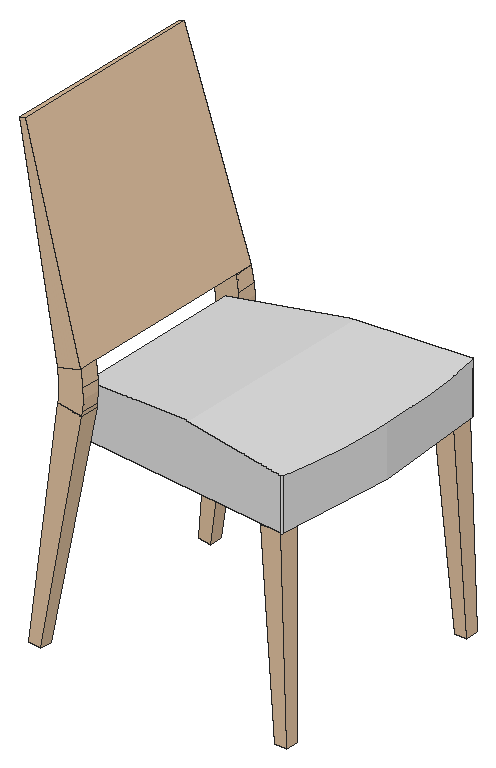
Revit family "FU_Chair_Sandler_TIMBERLY_1", category Furniture, Revit 2020
Family settings
  OmniClass Number = 23.21.23.15.17
  Work Plane-Based = Yes
  Always vertical = No
  Cut with Voids When Loaded = No
  Shared = No
  Room Calculation Point = No
Parameters (values of type "TIMBERLY 1.1")
  width = 470.000 mm
  height = 900.000 mm
  depth = 570.000 mm
  Youtube clip = ""
  Uniformat II Description = "Movable Furnishings"
  Uniformat II Code = ""
  Uniclass 2015 Name = ""
  Uniclass 2015 Code = ""
  Uniclass 2.0 Description = ""
  Uniclass 2.0 Code = ""
  Uniclass 1.4 Description = ""
  Uniclass 1.4 Code = ""
  UNSPSC Code = ""
  Technical description = ""
  Shell Material = Default
  Shell = TP01 - TIMBERLY : TP01 - TIMBERLY
  Seat Material = Fabric - Gravity - Frost CPC32
  Frame Material = Wood - Beech - Natural - V
  Frame = BS01 - TIMBERLY : BS01 - TIMBERLY
  Back Material = none
  401D = no
  Region South America = "All"
  Region Oceania = "All"
  Region North America = "All"
  Region Middle East = "All"
  Region Europe = "All"
  Region Asia = "All"
  Region Antarctica = "All"
  Region Africa = "All"
  QR code = ""
  Product url = ""
  Product name = "TIMBERLY 1.1"
  Product group = "Chair"
  Product family = "Furniture"
  Product data url = "https://www.sandlerseating.com/product/timberly-1-1/"
  Product certification = ""
  Product SKU = "??"
  Product Guid = "??"
  OmniClass Description = ""
  OmniClass Code = "23-21 23 15 17"
  NBS Reference Description = ""
  NBS Reference Code = ""
  Model = "TIMBERLY 1.1"
  Masterformat 2014 Description = "Chair Mats"
  Masterformat 2014 Code = "12 48 43.13"
  Manufacturer name = "Sandler"
  Manufacturer country = "UK"
  Manufacturer = "Sandler"
  401G = no
  Installation instructions = ""
  IFC Classification = "Furnishing Element"
  GTIN code = ""
  Edition number = 1
  Design country = "UK"
  Description = "Chair"
  Default Elevation = 1219.200 mm
  Date of publishing = ""
  COBIe Type Category = ""
  Brand url = "https://www.sandlerseating.com/"
  BIMobject main category code = "furniture"
  BIMobject main category = "Furniture"
  BIMobject category code = "furniture-chair"
  BIMobject category = "Chair"
Types (4, lengths in mm): name | width | height | depth | Seat Material | Frame Material | Frame | Back Material | Product name | Product data url | Model
  TIMBERLY 1.3S | 1040.000 | 1165.265 | 1040.000 | Fabric - Gravity - Sunni CPC20 | Wood - Beech - Walnut - V | BS04 - TIMBERLY : BS04 - TIMBERLY | Fabric - Gravity - Wheat CPC21 | "TIMBERLY 1.3S" | "https://www.sandlerseating.com/product/timberly-1-3s/" | "TIMBERLY 1.3S"
  TIMBERLY 1.3 | 1040.000 | 1165.265 | 1040.000 | Fabric - Gravity - Frozen CPC27 | Wood - Beech - Walnut - V | BS03 - TIMBERLY : BS03 - TIMBERLY | Fabric - Gravity - Frost CPC32 | "TIMBERLY 1.3" | "https://www.sandlerseating.com/product/timberly-1-3/" | "TIMBERLY 1.3"
  TIMBERLY 1.1S | 1040.000 | 1165.265 | 1040.000 | Fabric - Gravity - Wheat CPC21 | Wood - Beech - Cherry Wood - V | BS02 - TIMBERLY : BS02 - TIMBERLY | none | "TIMBERLY 1.1S" | "https://www.sandlerseating.com/product/timberly-1-1s/" | "TIMBERLY 1.1S"
  TIMBERLY 1.1 | 470.000 | 900.000 | 570.000 | Fabric - Gravity - Frost CPC32 | Wood - Beech - Natural - V | BS01 - TIMBERLY : BS01 - TIMBERLY | none | "TIMBERLY 1.1" | "https://www.sandlerseating.com/product/timberly-1-1/" | "TIMBERLY 1.1"
Reference planes
  plane 1 "Center Front/Back": y = 0
  plane 2: z = 0
  plane 3 "Center Left/Right": x = 0
  plane 4 "Heigth Shell": z = 407
  plane 5: x = -285
  plane 6: x = 285
  plane 7: y = 235
  plane 8: y = -235
  plane 9: z = 900
Dimensions and locks
  plane 4 "Heigth Shell" to plane 2 = 407.000 mm
  equal spacing: plane 5, plane 3 "Center Left/Right", plane 6
  "depth": plane 5 to plane 6
  equal spacing: plane 7, plane 1 "Center Front/Back", plane 8
  "width": plane 7 to plane 8
  "height": plane 9 to level
  aligned and locked: level to plane 2
Nested families
  nested 1: "BS01 - TIMBERLY" at (0, 0, 0) x (0, 1, 0) z (0, 0, 1), Frame Material <- "Frame Material", type <- "Frame", type "BS01 - TIMBERLY"
    with Frame Material Wood - Beech - Natural - V
  nested 2: "TP01 - TIMBERLY" at (0, 0, 0) x (0, 1, 0) z (0, 0, 1), Shell Material <- "Seat Material", type <- "Shell", type "TP01 - TIMBERLY"
    with Shell Material Fabric - Gravity - Frost CPC32, Frame Material none
Definition of nested family "BS01 - TIMBERLY"
  Parameters (values of type "BS01 - TIMBERLY")
    Frame Material [instance] = none
    Default Elevation = 0.000 mm
  Reference planes
    plane 1 "Center (Front/Back)": y = 0
    plane 2: z = 0
    plane 3 "Center (Left/Right)": x = 0
  Forms (mm)
    SweptBlend 1, solid, material <- "Frame Material"
      path origin (208.179, 0, 0.151) x (0, 1, 0) y (-0.034725, 0, 0.999397)
        loop
          line (194.468, 429.657) -> (255.553, 0)
      profile origin (193.259, 194.468, 429.549) x (-0.004888, 0.990044, 0.14067) y (0.999397, 0, 0.034725)
        loop
          line (-23.874, -18.85) -> (23.826, -18.85) -> (23.826, 17.15) -> (-23.874, 17.15) -> (-23.874, -18.85)
      end profile origin (208.179, 255.553, 0.151) x (-0.004888, 0.990044, 0.14067) y (0.999397, 0, 0.034725)
        loop
          line (-11.85, -11.85) -> (11.85, -11.85) -> (11.85, 11.85) -> (-11.85, 11.85) -> (-11.85, -11.85)
    Sweep 2, solid, material <- "Frame Material"
      path origin (208.179, 0, 0.151) x (0, 1, 0) y (-0.034725, 0, 0.999397)
        loop
          line (194.468, 429.657) -> (193.347, 437.548)
          arc (193.347, 437.548) -> (192.053, 455.35) -> (193.211, 473.161) r 130
          line (193.211, 473.161) -> (199.048, 516.599)
      profile origin (193.122, 193.907, 433.492) x (0.004888, -0.990044, -0.14067) y (0.999397, 0, 0.034725)
        loop
          line (23.874, -18.85) -> (23.874, 17.15) -> (-23.826, 17.15) -> (-23.826, -18.85) -> (23.874, -18.85)
    SweptBlend 3, solid, material <- "Frame Material"
      path origin (-208.179, 0, 0.151) x (0, 1, 0) y (-0.034725, 0, -0.999397)
        loop
          line (194.468, -429.657) -> (255.553, 0)
      profile origin (-193.259, 194.468, 429.549) x (-0.004888, -0.990044, -0.14067) y (-0.999397, 0, 0.034725)
        loop
          line (23.874, -18.85) -> (23.874, 17.15) -> (-23.826, 17.15) -> (-23.826, -18.85) -> (23.874, -18.85)
      end profile origin (-208.179, 255.553, 0.151) x (-0.004888, -0.990044, -0.14067) y (-0.999397, 0, 0.034725)
        loop
          line (11.85, -11.85) -> (11.85, 11.85) -> (-11.85, 11.85) -> (-11.85, -11.85) -> (11.85, -11.85)
    SweptBlend 4, solid, material <- "Frame Material"
      path origin (0, 0, 0) x (0, 1, 0) y (0, 0, 1)
        loop
          line (197.242, 501.235) -> (299.601, 898.584)
      profile origin (0, 197.242, 501.235) x (0, -0.968385, 0.249462) y (1, 0, 0)
        loop
          line (-24.018, 208.278) -> (-24.018, -208.278) -> (24.018, -207.861) -> (24.018, 207.861) -> (-24.018, 208.278)
      end profile origin (0, 299.601, 898.584) x (0, -0.968385, 0.249462) y (1, 0, 0)
        loop
          line (-5.816, -193.675) -> (6.06, -193.675) -> (6.06, 193.761) -> (-5.816, 193.761) -> (-5.816, -193.675)
    Extrusion 5, void
      sketch origin (0, -124.282, 72.563) x (1, 0, 0) y (0, 0.968385, -0.249462)
        loop
          line (160.564, 230.444) -> (160.564, 175.97) -> (215.564, 175.97) -> (215.564, 230.444) -> (160.564, 230.444)
      from 495.328 to 524.283
    SweptBlend 6, solid, material <- "Frame Material"
      path origin (0, -236.196, 0.26) x (1, 0, 0) y (0, 0.052336, 0.99863)
        loop
          line (220.393, 0) -> (211.901, 379.905)
      profile origin (220.393, -236.196, 0.26) x (-0.99975, -0.00117, -0.022316) y (0, -0.99863, 0.052336)
        loop
          line (11.85, 11.85) -> (-11.85, 11.85) -> (-11.85, -11.85) -> (11.85, -11.85) -> (11.85, 11.85)
      end profile origin (211.901, -216.313, 379.645) x (-0.99975, -0.00117, -0.022316) y (0, -0.99863, 0.052336)
        loop
          line (19.65, 19.65) -> (-19.65, 19.65) -> (-19.65, -19.65) -> (19.65, -19.65) -> (19.65, 19.65)
    Extrusion 7, void
      sketch origin (-9.14, -13.967, -7.071) x (1, 0, 0) y (0, 0.999391, -0.034899)
        loop
          line (192.207, -194.415) -> (192.207, -242.229) -> (248.297, -242.229) -> (248.297, -194.415) -> (192.207, -194.415)
      from 375.001 to 382.63
    SweptBlend 8, solid, material <- "Frame Material"
      path origin (0, -236.196, 0.26) x (-1, 0, 0) y (0, -0.052336, -0.99863)
        loop
          line (220.393, 0) -> (211.901, -379.905)
      profile origin (-220.393, -236.196, 0.26) x (-0.99975, 0.00117, 0.022316) y (0, -0.99863, 0.052336)
        loop
          line (-11.85, 11.85) -> (-11.85, -11.85) -> (11.85, -11.85) -> (11.85, 11.85) -> (-11.85, 11.85)
      end profile origin (-211.901, -216.313, 379.645) x (-0.99975, 0.00117, 0.022316) y (0, -0.99863, 0.052336)
        loop
          line (-19.65, 19.65) -> (-19.65, -19.65) -> (19.65, -19.65) -> (19.65, 19.65) -> (-19.65, 19.65)
    Extrusion 9, void
      sketch origin (9.14, -13.967, -7.071) x (-1, 0, 0) y (0, -0.999391, 0.034899)
        loop
          line (192.207, 194.415) -> (248.297, 194.415) -> (248.297, 242.229) -> (192.207, 242.229) -> (192.207, 194.415)
      from 375.001 to 382.63
    Sweep 10, solid, material <- "Frame Material"
      path origin (-208.179, 0, 0.151) x (0, 1, 0) y (-0.034725, 0, -0.999397)
        loop
          line (194.468, -429.657) -> (193.347, -437.548)
          arc (193.347, -437.548) -> (192.053, -455.35) -> (193.211, -473.161) r 130
          line (193.211, -473.161) -> (199.048, -516.599)
      profile origin (-193.122, 193.907, 433.492) x (0.004888, 0.990044, 0.14067) y (-0.999397, 0, 0.034725)
        loop
          line (-23.874, -18.85) -> (23.826, -18.85) -> (23.826, 17.15) -> (-23.874, 17.15) -> (-23.874, -18.85)
    Extrusion 11, void
      sketch origin (0, -124.282, 72.563) x (-1, 0, 0) y (0, -0.968385, 0.249462)
        loop
          line (167.414, -230.444) -> (212.289, -230.444) -> (212.289, -175.97) -> (167.414, -175.97) -> (167.414, -230.444)
      from 495.328 to 524.283
  Cuts and joins
    Extrusion 5 cuts SweptBlend 1
    Extrusion 5 cuts Sweep 2
    Extrusion 7, Extrusion 9 cuts SweptBlend 6
    Extrusion 9 cuts SweptBlend 8
    Extrusion 11 cuts Sweep 10
  Dimensions and locks
    aligned and locked: level to plane 2
Definition of nested family "TP01 - TIMBERLY"
  Parameters (values of type "TP01 - TIMBERLY")
    Shell Material [instance] = none
    Frame Material [instance] = none
    Default Elevation = 0.000 mm
  Reference planes
    plane 1 "Center (Front/Back)": y = 0
    plane 2: z = 0
    plane 3 "Center (Left/Right)": x = 0
  Forms (mm)
    Extrusion 1, solid, material <- "Shell Material"
      sketch origin (0, 0, 0) x (1, 0, 0) y (0, 1, 0)
        loop
          line (-169.636, 192.068) -> (-234.558, -237.589)
          arc (-234.558, -237.589) -> (-233.963, -240.023) -> (-231.829, -241.338) r 3.3
          arc (-231.829, -241.338) -> (0, -260.229) -> (231.829, -241.338) r 1431.925
          arc (231.829, -241.338) -> (233.963, -240.023) -> (234.558, -237.589) r 3.3
          line (234.558, -237.589) -> (169.636, 192.068) -> (-169.636, 192.068)
      from 350.884 to 486.642
    Extrusion 2, void
      sketch origin (0, -12.52, -0.866) x (1, 0, 0) y (0, 0.999391, -0.034899)
        loop
          line (235.998, -263.566) -> (235.998, 201.434) -> (-239.002, 201.434) -> (-239.002, -263.566) -> (235.998, -263.566)
      from 336.626 to 368.749
    Extrusion 3, void
      sketch origin (0, -16.981, -0.888) x (0, 0.999391, -0.034899) y (0, 0.034899, 0.999391)
        loop
          arc (-273.928, 464.641) -> (-34.161, 486.244) -> (206.072, 470.678) r 1559.118
          line (206.072, 470.678) -> (206.072, 506.673) -> (-273.928, 506.673) -> (-273.928, 464.641)
      from -246.944 to 241.964
  Cuts and joins
    Extrusion 2, Extrusion 3 cuts Extrusion 1
  Dimensions and locks
    aligned and locked: level to plane 2
